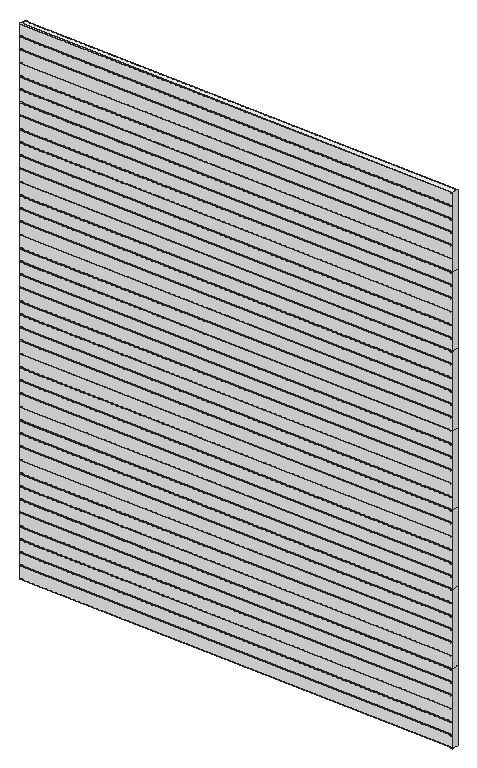
Revit family "3720-1Basic", category Doors, host Wall, Revit 2024
Family settings
  Host = Wall
  OmniClass Number = 23.30.10.17.37.14
  OmniClass Title = Sectional Overhead Doors
  Always vertical = Yes
  Cut with Voids When Loaded = No
  Shared = No
  Room Calculation Point = No
Parameters (values of type "By Type")
  Windload = "Doors available rated for various design pressures; consult Clopay for avaialbility and specifications"
  VisSection6 = NumSections = 6  # no
  VisSection5 = NumSections > 4  # yes
  VisSection4 = NumSections > 3  # yes
  VisSection3 = NumSections > 2  # yes
  VisArray = NumSections > 6  # yes
  URL = "www.clopaydoor.com"
  Track = "Galvanized steel (gauge varies according to door size)"
  Thickness = 0' - 2"  # constant formula
  Spec Wizard = "http://www.arcat.com/specwizard/08360clo/index.htm"
  Section Height = Height / NumSections  # 2' - 0"
  Sales Information = "http://www.clopaydoor.com/where-to-buy.aspx?type=dealer"
  Rough Width = 0' - 0"  # constant formula
  Rough Height = 0' - 0"  # constant formula
  R-Value = "17.2"
  Product Features and Benefits = "http://www.clopaydoor.com/insulated-polyurethane-applications.aspx"
  Overlapping Jamb = yes
  Overlap = if(Overlapping Jamb, 0' 1", 0' 0")  # 0' - 1"
  Opening Width = 12' - 0"
  Opening Height = 14' - 0"
  Omniclass Table = "23-30 10 17 37 "
  NumSectionsNotRounded = Height / 2' 0"  # 7
  NumSections = NumSectionsNotRounded + 0.4999  # 7
  NumArraySections = if(NumSections > 6, NumSections - 5, 2)  # 2
  Model = "3720"
  Maximum Size = "Maximum 32' 2'' wide by 26' 0'' high. Additional limitations may apply do to door weight. Consult Clopay for specificiations and shop drawings."  # constant formula
  Manufacturer Website = "http://www.clopaydoor.com"
  Manufacturer Phone Number = "1-800-526-4301"
  Manufacturer Address = "1400 W. Market St., Troy, OH 45373"
  Manufacturer = "Clopay Building Products Company"
  LEED = "http://products.construction.com/swts_content_files/151607/303186.pdf"
  Keynote = "08 36 13"
  Interior Steel = "28 ga. galvanized, primed, and finish painted"
  Hardware = "14 ga. min. steel hinges; 10-ball steel rollers"
  GreenFormat = "http://www.greenformat.com/products/1536-Polyurethane%20Insulated%20Doors.rtf"
  Function = Interior
  Height = Opening Height + Rough Width * 0  # 14' - 0"
  Wall Closure = By host
  Width = Opening Width + Rough Width * 0  # 12' - 0"
  FloorToSection7 = 6 * Section Height  # 12' - 0"
  FloorToSection6 = 5 * Section Height  # 10' - 0"
  FloorToSection5 = 4 * Section Height  # 8' - 0"
  FloorToSection4 = 3 * Section Height  # 6' - 0"
  FloorToSection3 = 2 * Section Height  # 4' - 0"
  FloorToSection2 = Section Height  # 2' - 0"
  File Revision = "02 (August, 2012)"
  Exterior Steel = "27 ga. galvanized, primed, and finish painted"
  Double End Stiles = Door Width > 14' 2"  # no
  Door Width = Opening Width + Overlap * 2  # 12' - 2"
  Door Height = Opening Height + Rough Width * 0  # 14' - 0"
  Description = "2'' thick polyurethane insulated, stucco embossed 27 gauge steel exterior with light ribbed pattern."
  Core Material = "Expanded polyurethane"
  Copyright = "2010, Clopay Building Products Company, Inc."
  Color = White
  CAD and Specifications = "http://www.clopaydoor.com/insulated-polyurethane-specs.aspx"
  Assembly Code = "B2030410"
Reference planes (in)
  plane 1 "Center (Front/Back)": y = 0
  plane 2 "Center (Left/Right)": x = 0
  plane 3 "Left": x = -72
  plane 4 "Right": x = 72
  plane 5 "Top": z = 168
  plane 6 "Exterior": y = 3
  plane 7 "Interior": y = -3
  plane 8: z = 120
  plane 9: z = 144
Lines and regions (in)
  Opening 1
    outline origin (-90, -3, 0) x (1, 0, 0) y (0, 0, 1)
      loop
        line (18, 0) -> (162, 0) -> (162, 168) -> (18, 168) -> (18, 0)
Text (in)
  text "Exterior" at (-74.96733, 27.31104, 0), in view "Ref. Level"
  text "Interior" at (-74.96733, -25.14366, 0), in view "Ref. Level"
  text "Exterior" at (0, 40.15149, 123.01588), in view "Right"
  text "Interior" at (0, -64.39139, 123.01588), in view "Right"
  text "Interior" at (0, -31.01599, 123.00693), in view "Left"
  text "Exterior" at (0, 54.57065, 123.00693), in view "Left"
Dimensions and locks (in)
  equal spacing: plane 3 "Left", plane 2 "Center (Left/Right)", plane 4 "Right"
  "Height": level to plane 5 "Top"
  "Width": plane 3 "Left" to plane 4 "Right"
  host wall to plane 5 "Top" = 14' - 0"
  nested 1 to plane 7 "Interior" = 0' - 0 1/2"
  "FloorToSection6": plane 8 to level
  "FloorToSection7": plane 9 to level
  group 1 to group 2 = 0' - 0"  (x2)
  group 1 to group 2 = 2' - 0"
  host wall to host wall = 67' - 6"
  aligned and locked: plane 3 "Left" to Opening 1 sketch curve
  aligned and locked: plane 5 "Top" to Opening 1 sketch curve  (x2)
  aligned and locked: Opening 1 sketch curve to plane 4 "Right"
  aligned and locked: Opening 1 sketch curve to level
  aligned and locked: plane 6 "Exterior" to host wall
  aligned and locked: host wall to plane 7 "Interior"
  aligned and locked: plane 2 "Center (Left/Right)" to nested 2
  aligned and locked: plane 2 "Center (Left/Right)" to nested 3
  aligned and locked: plane 2 "Center (Left/Right)" to nested 4
  aligned and locked: plane 2 "Center (Left/Right)" to nested 5
  aligned and locked: plane 2 "Center (Left/Right)" to nested 7
  aligned and locked: nested 7 to plane 8
  aligned and locked: nested 8 to plane 9
  aligned and locked: plane 7 "Interior" to nested 2
  aligned and locked: plane 7 "Interior" to nested 7
  aligned and locked: host wall to nested 8
  aligned and locked: plane 7 "Interior" to nested 3
  aligned and locked: host wall to nested 3
  aligned and locked: plane 7 "Interior" to nested 1
  aligned and locked: nested 2 to host wall
  aligned and locked: plane 7 "Interior" to nested 6
  aligned and locked: plane 7 "Interior" to nested 5
  aligned and locked: host wall to nested 7
  aligned and locked: plane 7 "Interior" to nested 4
Nested families (in)
  nested 1: "Section" at (0, 0, 0), type "Solid"
  nested 2: "Section" at (0, 0, 24), built-in parameter 1001364 <- "Section Height", type "Solid"
  nested 3: "Section" at (0, 0, 48), built-in parameter 1001364 <- "FloorToSection3", visible <- "VisSection3", type "Solid"
  nested 4: "Section" at (0, 0, 120), built-in parameter 1001364 <- "FloorToSection6", visible <- "VisSection6", type "Solid"
  nested 5: "Section" at (0, 0, 96), built-in parameter 1001364 <- "FloorToSection5", visible <- "VisSection5", type "Solid"
  nested 6: "Section" at (0, 0, 72), built-in parameter 1001364 <- "FloorToSection4", visible <- "VisSection4", type "Solid"
  nested 7: "Section" at (0, 0, 120), visible <- "VisArray", type "Solid"
  nested 8: "Section" at (0, 0, 144), visible <- "VisArray", type "Solid"
Definition of nested family "Section"
  Parameters
    X9 = if(if(NumArrayedWindows < NumWindows, NumArrayedWindows + 1, NumWindows) < 9, X1, X8 + 3' 8")  # 1' - 5 1/2"
    X8 = if(if(NumArrayedWindows < NumWindows, NumArrayedWindows + 1, NumWindows) < 8, X1, X7 + 3' 8")  # 1' - 5 1/2"
    X7 = if(if(NumArrayedWindows < NumWindows, NumArrayedWindows + 1, NumWindows) < 7, X1, X6 + 3' 8")  # 1' - 5 1/2"
    X6 = if(if(NumArrayedWindows < NumWindows, NumArrayedWindows + 1, NumWindows) < 6, X1, X5 + 3' 8")  # 1' - 5 1/2"
    X5 = if(if(NumArrayedWindows < NumWindows, NumArrayedWindows + 1, NumWindows) < 5, X1, X4 + 3' 8")  # 1' - 5 1/2"
    X4 = if(if(NumArrayedWindows < NumWindows, NumArrayedWindows + 1, NumWindows) < 4, X1, X3 + 3' 8")  # 1' - 5 1/2"
    X3 = if(NumWindows < 3, X1, X2 + 3' 8")  # 8' - 9 1/2"
    X2 = if(NumWindows < 2, ((Door Width - (NumWindows - 1) * 3' 8") / 2 - Cutout Width / 2), ((Door Width - (NumWindows - 1) * 3' 8") / 2 - Cutout Width / 2) + 3' 8")  # 5' - 1 1/2"
    WindowVis = no
    WindowCutDepth = -0' - 0 13/128"
    Section Height = 2' - 0"
    RibSpacing = Section Height / (NumRibs + 1)  # 0' - 4"
    NumWindows = if(Door Width < 9' 4", 2, if(Door Width < 13' 4", 3, if(Door Width < 16' 4", 4, if(Door Width < 20' 4", 5, if(Door Width < 24' 4", 6, if(Door Width < 26' 4", 7, if(Door Width < 31' 8", 8, 10)))))))  # 3
    NumRibs = if(Section Height < 1' 9", 3, if(Section Height < 2' 0", 4, 5))  # 5
    NumArrayedWindows = if(X2 = X1, NumWindows - 2, NumWindows)  # 3
    Half Section Height = Section Height / 2  # 1' - 0"
    Half Door Width Neg = -Half Door Width  # -6' - 1"
    Half Door Width = Door Width / 2  # 6' - 1"
    Half Cutout Height = Cutout Height / 2  # 0' - 3 1/2"
    Function = (empty or 0)
    Height = 0' - 0"
    Wall Closure = (empty or 0)
    Width = 0' - 0"
    X1 = if(or(Door Width > 31' 6", and(Door Width > 26' 2", Door Width < 28' 1"), Door Width = 24' 3", Door Width = 24' 4", and(Door Width > 20' 2", Door Width < 20' 11"), and(Door Width > 16' 2", Door Width < 17' 3")), X2, (Door Width - (NumWindows - 1) * 3' 8") / 2 - Cutout Width / 2)  # 1' - 5 1/2"
    Door Width = 12' - 2"
    CutoutToCutout = 1' - 0"
    Cutout Width = 1' - 11"
    Cutout Height = 0' - 7"
    Color = none
    BtmTo1stRib = RibSpacing  # 0' - 4"
    Assembly Code = ""
  Reference planes (in)
    plane 1 "Center (Front/Back)": y = 0
    plane 2 "Center (Left/Right)": x = 0
    plane 3 "Exterior": y = 3
    plane 4 "Interior": y = -3
    plane 5: y = -3.5
    plane 6: x = 73
    plane 7: x = -73
    plane 8: z = 4
    plane 9: z = 8
    plane 10: z = 24
    plane 11: z = 12
    plane 12: z = 0
  Forms (in)
    Extrusion 1, solid, material <- "Color"
      sketch origin (-73, -12, 83.08252) x (0, 0, 1) y (0, -1, 0)
        loop
          line (-59.08252, -8.37573) -> (-59.08252, -6.62444)
          arc (-59.08252, -6.62444) -> (-59.11897, -6.53645) -> (-59.20696, -6.5) r 0.12444
          line (-59.20696, -6.5) -> (-82.95809, -6.5)
          arc (-82.95809, -6.5) -> (-83.04608, -6.53645) -> (-83.08252, -6.62444) r 0.12444
          line (-83.08252, -6.62444) -> (-83.08252, -8.37573)
          arc (-83.08252, -8.37573) -> (-83.04612, -8.4636) -> (-82.95825, -8.5) r 0.12427
          line (-82.95825, -8.5) -> (-59.20679, -8.5)
          arc (-59.20679, -8.5) -> (-59.11892, -8.4636) -> (-59.08252, -8.37573) r 0.12427
      from 0 to 146 <- "Door Width"
    Extrusion 2, void
      sketch origin (0, 0, -0.5) x (0, -1, 0) y (0, 0, 1)
        loop
          line (3.5, 4.62727) -> (3.5, 4.37273) -> (3.53032, 4.41942)
          arc (3.53032, 4.41942) -> (3.53753, 4.43506) -> (3.54, 4.4521) r 0.06
          line (3.54, 4.4521) -> (3.54, 4.5479)
          arc (3.54, 4.5479) -> (3.53753, 4.56494) -> (3.53032, 4.58058) r 0.06
          line (3.53032, 4.58058) -> (3.5, 4.62727)
      from -73 <- "Half Door Width Neg" to 146 <- "Door Width"
    Extrusion 3, void
      sketch origin (0, 0, 3.5) x (0, -1, 0) y (0, 0, 1)
        loop
          line (3.5, 4.62727) -> (3.5, 4.37273) -> (3.53032, 4.41942)
          arc (3.53032, 4.41942) -> (3.53753, 4.43506) -> (3.54, 4.4521) r 0.06
          line (3.54, 4.4521) -> (3.54, 4.5479)
          arc (3.54, 4.5479) -> (3.53753, 4.56494) -> (3.53032, 4.58058) r 0.06
          line (3.53032, 4.58058) -> (3.5, 4.62727)
      from -73 <- "Half Door Width Neg" to 146 <- "Door Width"
    Extrusion 4, void
      sketch origin (0, 0, 7.5) x (0, -1, 0) y (0, 0, 1)
        loop
          line (3.5, 4.62727) -> (3.5, 4.37273) -> (3.53032, 4.41942)
          arc (3.53032, 4.41942) -> (3.53753, 4.43506) -> (3.54, 4.4521) r 0.06
          line (3.54, 4.4521) -> (3.54, 4.5479)
          arc (3.54, 4.5479) -> (3.53753, 4.56494) -> (3.53032, 4.58058) r 0.06
          line (3.53032, 4.58058) -> (3.5, 4.62727)
      from -73 <- "Half Door Width Neg" to 146 <- "Door Width"
    Extrusion 5, void
      sketch origin (0, -8.99984, -0.5) x (0, 1, 0) y (0, 0, -1)
        loop
          line (3.5, -4.62727) -> (3.53032, -4.58058)
          arc (3.53032, -4.58058) -> (3.53753, -4.56494) -> (3.54, -4.5479) r 0.06
          line (3.54, -4.5479) -> (3.54, -4.4521)
          arc (3.54, -4.4521) -> (3.53753, -4.43506) -> (3.53032, -4.41942) r 0.06
          line (3.53032, -4.41942) -> (3.5, -4.37273) -> (3.5, -4.62727)
      from -73 <- "Half Door Width Neg" to 146 <- "Door Width"
    Extrusion 6, void
      sketch origin (0, -8.99984, 3.5) x (0, 1, 0) y (0, 0, -1)
        loop
          line (3.5, -4.62727) -> (3.53032, -4.58058)
          arc (3.53032, -4.58058) -> (3.53753, -4.56494) -> (3.54, -4.5479) r 0.06
          line (3.54, -4.5479) -> (3.54, -4.4521)
          arc (3.54, -4.4521) -> (3.53753, -4.43506) -> (3.53032, -4.41942) r 0.06
          line (3.53032, -4.41942) -> (3.5, -4.37273) -> (3.5, -4.62727)
      from -73 <- "Half Door Width Neg" to 146 <- "Door Width"
    Extrusion 7, void
      sketch origin (0, -8.99984, 7.5) x (0, 1, 0) y (0, 0, -1)
        loop
          line (3.5, -4.62727) -> (3.53032, -4.58058)
          arc (3.53032, -4.58058) -> (3.53753, -4.56494) -> (3.54, -4.5479) r 0.06
          line (3.54, -4.5479) -> (3.54, -4.4521)
          arc (3.54, -4.4521) -> (3.53753, -4.43506) -> (3.53032, -4.41942) r 0.06
          line (3.53032, -4.41942) -> (3.5, -4.37273) -> (3.5, -4.62727)
      from -73 <- "Half Door Width Neg" to 146 <- "Door Width"
    Extrusion 8, void
      sketch origin (0, 0, 11.5) x (0, -1, 0) y (0, 0, 1)
        loop
          line (3.5, 4.62727) -> (3.5, 4.37273) -> (3.53032, 4.41942)
          arc (3.53032, 4.41942) -> (3.53753, 4.43506) -> (3.54, 4.4521) r 0.06
          line (3.54, 4.4521) -> (3.54, 4.5479)
          arc (3.54, 4.5479) -> (3.53753, 4.56494) -> (3.53032, 4.58058) r 0.06
          line (3.53032, 4.58058) -> (3.5, 4.62727)
      from -73 <- "Half Door Width Neg" to 146 <- "Door Width"
    Extrusion 9, void
      sketch origin (0, -8.99984, 11.5) x (0, 1, 0) y (0, 0, -1)
        loop
          line (3.5, -4.62727) -> (3.53032, -4.58058)
          arc (3.53032, -4.58058) -> (3.53753, -4.56494) -> (3.54, -4.5479) r 0.06
          line (3.54, -4.5479) -> (3.54, -4.4521)
          arc (3.54, -4.4521) -> (3.53753, -4.43506) -> (3.53032, -4.41942) r 0.06
          line (3.53032, -4.41942) -> (3.5, -4.37273) -> (3.5, -4.62727)
      from -73 <- "Half Door Width Neg" to 146 <- "Door Width"
    Extrusion 10, void
      sketch origin (0, 0, 15.5) x (0, -1, 0) y (0, 0, 1)
        loop
          line (3.5, 4.62727) -> (3.5, 4.37273) -> (3.53032, 4.41942)
          arc (3.53032, 4.41942) -> (3.53753, 4.43506) -> (3.54, 4.4521) r 0.06
          line (3.54, 4.4521) -> (3.54, 4.5479)
          arc (3.54, 4.5479) -> (3.53753, 4.56494) -> (3.53032, 4.58058) r 0.06
          line (3.53032, 4.58058) -> (3.5, 4.62727)
      from -73 <- "Half Door Width Neg" to 146 <- "Door Width"
    Extrusion 11, void
      sketch origin (0, -8.99984, 15.5) x (0, 1, 0) y (0, 0, -1)
        loop
          line (3.5, -4.62727) -> (3.53032, -4.58058)
          arc (3.53032, -4.58058) -> (3.53753, -4.56494) -> (3.54, -4.5479) r 0.06
          line (3.54, -4.5479) -> (3.54, -4.4521)
          arc (3.54, -4.4521) -> (3.53753, -4.43506) -> (3.53032, -4.41942) r 0.06
          line (3.53032, -4.41942) -> (3.5, -4.37273) -> (3.5, -4.62727)
      from -73 <- "Half Door Width Neg" to 146 <- "Door Width"
  Cuts and joins
    Extrusion 2, Extrusion 3, Extrusion 4, Extrusion 5, Extrusion 6, Extrusion 7, Extrusion 8, Extrusion 9, Extrusion 10, Extrusion 11 cuts Extrusion 1
  Lines and regions (in)
    reference lines
      curve 1: line (-72, -3.54, 4) -> (-72, -3.5, 4)
      curve 2: line (-72, -5.45984, 4) -> (-72, -5.49984, 4)
      curve 3: line (-72, -3.54, 8) -> (-72, -3.5, 8)
      curve 4: line (-72, -3.54, 12) -> (-72, -3.5, 12)
      curve 5: line (-72, -5.45984, 4) -> (-72, -5.49984, 4)
      curve 6: line (-72, -5.45984, 8) -> (-72, -5.49984, 8)
      curve 7: line (-72, -5.45984, 12) -> (-72, -5.49984, 12)
      curve 8: line (-72, -3.54, 16) -> (-72, -3.5, 16)
      curve 9: line (-72, -5.45984, 16) -> (-72, -5.49984, 16)
      curve 10: line (-72, -3.54, 20) -> (-72, -3.5, 20)
      curve 11: line (-72, -5.45984, 20) -> (-72, -5.49984, 20)
  Text (in)
    text "Exterior" at (-74.96733, 27.31104, 0), in view "Ref. Level"
    text "Interior" at (-74.96733, -25.14366, 0), in view "Ref. Level"
    text "Exterior" at (0, 40.15149, 123.01588), in view "Right"
    text "Interior" at (0, -64.39139, 123.01588), in view "Right"
    text "Interior" at (0, -31.01599, 123.00693), in view "Left"
    text "Exterior" at (0, 54.57065, 123.00693), in view "Left"
  Dimensions and locks (in)
    plane 4 "Interior" to plane 5 = 0' - 0 1/2"
    "Half Door Width": plane 2 "Center (Left/Right)" to plane 7
    "Half Door Width": plane 6 to plane 2 "Center (Left/Right)"
    Extrusion 1 sketch curve to Extrusion 1 sketch curve = 0' - 2"
    Extrusion 2 sketch curve to Extrusion 2 sketch curve = 0' - 0.25454"
    Extrusion 2 sketch curve to Extrusion 2 sketch curve = 0' - 0.04"  (x2)
    "BtmTo1stRib": plane 8 to level
    curve 1 to Extrusion 2 sketch curve = 0' - 0.12727"
    "RibSpacing": plane 9 to plane 8
    "Section Height": plane 10 to level
    Extrusion 3 sketch curve to Extrusion 3 sketch curve = 0' - 0.25454"
    Extrusion 3 sketch curve to Extrusion 3 sketch curve = 0' - 0.04"  (x2)
    curve 3 to Extrusion 3 sketch curve = 0' - 0.12727"
    equal spacing: group 1, group 2, group 3, group 4, group 5  (x3)
    Extrusion 4 sketch curve to Extrusion 4 sketch curve = 0' - 0.25454"
    Extrusion 4 sketch curve to Extrusion 4 sketch curve = 0' - 0.04"  (x2)
    curve 4 to Extrusion 4 sketch curve = 0' - 0.12727"
    Extrusion 5 sketch curve to Extrusion 5 sketch curve = 0' - 0.25454"
    Extrusion 5 sketch curve to Extrusion 5 sketch curve = 0' - 0.04"  (x2)
    Extrusion 5 sketch curve to curve 5 = 0' - 0.12727"
    Extrusion 6 sketch curve to Extrusion 6 sketch curve = 0' - 0.25454"
    Extrusion 6 sketch curve to Extrusion 6 sketch curve = 0' - 0.04"  (x2)
    Extrusion 6 sketch curve to curve 6 = 0' - 0.12727"
    Extrusion 7 sketch curve to Extrusion 7 sketch curve = 0' - 0.25454"
    Extrusion 7 sketch curve to Extrusion 7 sketch curve = 0' - 0.04"  (x2)
    Extrusion 7 sketch curve to curve 7 = 0' - 0.12727"
    "Half Section Height": level to plane 11
    Extrusion 8 sketch curve to Extrusion 8 sketch curve = 0' - 0.25454"
    Extrusion 8 sketch curve to Extrusion 8 sketch curve = 0' - 0.04"  (x2)
    curve 8 to Extrusion 8 sketch curve = 0' - 0.12727"
    Extrusion 9 sketch curve to Extrusion 9 sketch curve = 0' - 0.25454"
    Extrusion 9 sketch curve to Extrusion 9 sketch curve = 0' - 0.04"  (x2)
    Extrusion 9 sketch curve to curve 9 = 0' - 0.12727"
    Extrusion 10 sketch curve to Extrusion 10 sketch curve = 0' - 0.25454"
    Extrusion 10 sketch curve to Extrusion 10 sketch curve = 0' - 0.04"  (x2)
    curve 10 to Extrusion 10 sketch curve = 0' - 0.12727"
    Extrusion 11 sketch curve to Extrusion 11 sketch curve = 0' - 0.25454"
    Extrusion 11 sketch curve to Extrusion 11 sketch curve = 0' - 0.04"  (x2)
    Extrusion 11 sketch curve to curve 11 = 0' - 0.12727"
    locked: plane 4 "Interior" to cut or joined group 1 (Extrusion 1, Extrusion 2, Extrusion 3, Extrusion 4, Extrusion 5, Extrusion 6, Extrusion 7, Extrusion 8, Extrusion 9, Extrusion 10, Extrusion 11) at 0.5
    radius of Extrusion 1 sketch curve = 0' - 0.12427"  (x2)
    radius of Extrusion 1 sketch curve = 0' - 0.12444"  (x2)
    angle Extrusion 2 sketch curve to Extrusion 2 sketch curve = 147.00°  (x2)
    angle Extrusion 3 sketch curve to Extrusion 3 sketch curve = 147.00°  (x2)
    angle Extrusion 4 sketch curve to Extrusion 4 sketch curve = 147.00°  (x2)
    angle Extrusion 5 sketch curve to Extrusion 5 sketch curve = 147.00°  (x2)
    angle Extrusion 6 sketch curve to Extrusion 6 sketch curve = 147.00°  (x2)
    angle Extrusion 7 sketch curve to Extrusion 7 sketch curve = 147.00°  (x2)
    angle Extrusion 8 sketch curve to Extrusion 8 sketch curve = 147.00°  (x2)
    angle Extrusion 9 sketch curve to Extrusion 9 sketch curve = 147.00°  (x2)
    angle Extrusion 10 sketch curve to Extrusion 10 sketch curve = 147.00°  (x2)
    angle Extrusion 11 sketch curve to Extrusion 11 sketch curve = 147.00°  (x2)
    aligned and locked: Extrusion 1 sketch curve to plane 5
    aligned and locked: plane 8 to curve 1
    aligned and locked: plane 9 to curve 3
    aligned: cut or joined group 1 to cut or joined group 1  (x9)
    aligned and locked: plane 12 to level
  Automatic sketch dimensions
    curve 2 to curve 1 = 0' - 1.91984"
    curve 1 to curve 1 = 0' - 0.04"  (x2)
    curve 1 to curve 2 = 0' - 1.91984"
    curve 2 to curve 2 = 0' - 0.04"  (x2)
    Extrusion 2 sketch curve to Extrusion 2 sketch curve = 0' - 0"
    Extrusion 2 sketch curve to Extrusion 2 sketch curve = 0' - 0.02"
    Extrusion 2 sketch curve to Extrusion 2 sketch curve = 0' - 0.00968"  (x2)
    curve 5 to curve 1 = 0' - 0"
    curve 1 to curve 5 = 0' - 1.91984"
    curve 5 to curve 5 = 0' - 0.04"
    Extrusion 5 sketch curve to Extrusion 5 sketch curve = 0' - 0"
    Extrusion 5 sketch curve to Extrusion 5 sketch curve = 0' - 0.02"
    Extrusion 5 sketch curve to Extrusion 5 sketch curve = 0' - 0.00968"  (x2)
    Extrusion 3 sketch curve to Extrusion 3 sketch curve = 0' - 0"
    Extrusion 3 sketch curve to Extrusion 3 sketch curve = 0' - 0.02"
    Extrusion 3 sketch curve to Extrusion 3 sketch curve = 0' - 0.00968"  (x2)
    curve 6 to curve 3 = 0' - 0"
    curve 3 to curve 3 = 0' - 0.04"
    curve 3 to curve 6 = 0' - 1.91984"
    curve 6 to curve 6 = 0' - 0.04"
    Extrusion 4 sketch curve to Extrusion 4 sketch curve = 0' - 0"
    Extrusion 4 sketch curve to Extrusion 4 sketch curve = 0' - 0.02"
    Extrusion 4 sketch curve to Extrusion 4 sketch curve = 0' - 0.00968"  (x2)
    curve 7 to curve 4 = 0' - 0"
    curve 4 to curve 4 = 0' - 0.04"
    curve 4 to curve 7 = 0' - 1.91984"
    curve 7 to curve 7 = 0' - 0.04"
    Extrusion 7 sketch curve to Extrusion 7 sketch curve = 0' - 0.00968"
    Extrusion 6 sketch curve to Extrusion 6 sketch curve = 0' - 0.00968"
    curve 2 to plane 8 = 0' - 0"
    curve 2 to plane 5 = 0' - 1.95984"
    Extrusion 1 sketch curve to plane 10 = 0' - 0"
    Extrusion 1 sketch curve to level = 0' - 0"
    Extrusion 8 sketch curve to Extrusion 8 sketch curve = 0' - 0"
    Extrusion 8 sketch curve to Extrusion 8 sketch curve = 0' - 0.02"
    Extrusion 8 sketch curve to Extrusion 8 sketch curve = 0' - 0.00968"  (x2)
    curve 9 to curve 8 = 0' - 0"
    curve 8 to curve 8 = 0' - 0.04"
    curve 8 to curve 9 = 0' - 1.91984"
    curve 9 to curve 9 = 0' - 0.04"
    Extrusion 9 sketch curve to Extrusion 9 sketch curve = 0' - 0"
    Extrusion 9 sketch curve to Extrusion 9 sketch curve = 0' - 0.02"
    Extrusion 9 sketch curve to Extrusion 9 sketch curve = 0' - 0.00968"  (x2)
    Extrusion 10 sketch curve to Extrusion 10 sketch curve = 0' - 0"
    Extrusion 10 sketch curve to Extrusion 10 sketch curve = 0' - 0.02"
    Extrusion 10 sketch curve to Extrusion 10 sketch curve = 0' - 0.00968"  (x2)
    curve 11 to curve 10 = 0' - 0"
    curve 10 to curve 10 = 0' - 0.04"
    curve 10 to curve 11 = 0' - 1.91984"
    curve 11 to curve 11 = 0' - 0.04"
    Extrusion 11 sketch curve to Extrusion 11 sketch curve = 0' - 0"
    Extrusion 11 sketch curve to Extrusion 11 sketch curve = 0' - 0.02"
    Extrusion 11 sketch curve to Extrusion 11 sketch curve = 0' - 0.00968"  (x2)
